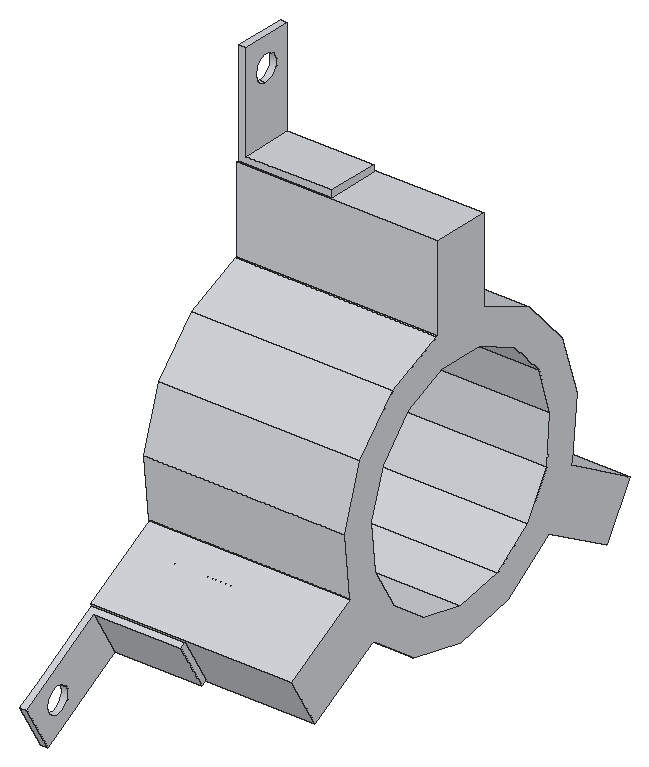
Revit family "LP50R", category Pipe Accessories, Revit 2021
Family settings
  Round Connector Dimension = Use Diameter
  Part Type = Breaks Into
  Work Plane-Based = No
  Always vertical = No
  Cut with Voids When Loaded = No
  Shared = No
Parameters
  URL = "https://www.snapcollars.com.au/"
  Model = "LP50R"
  Manufacturer = "Snap Fire Systems"
  Description = "The LP50R is a low profile, metal, retro-fit collar for concrete floor slabs, fire rated plasterboard ceilings and Speedpanel, concrete and masonry walls."
  Default Elevation = 0 mm
Reference planes
  plane 1 "Center (Front/Back)": y = 0
  plane 2: z = 0
  plane 3 "Center (Left/Right)": x = -139.129
  plane 4: x = -230
  plane 5: x = -208.636
  plane 6: x = -210
Forms (mm)
  Extrusion 1, solid, material "PVC-White", not visible, detail levels fine
    sketch origin (0, 0, 0) x (1, 0, 0) y (0, 0, 1)
      loop
        line (-80, 60.418) -> (-227.967, 86.048) -> (-227.967, 69.12) -> (-80, 60.418)
    from -1.5 to 1.5
  Extrusion 2, solid, material "PVC-White", not visible, detail levels fine
    sketch origin (0, 0, 0) x (1, 0, 0) y (0, -0.5, 0.866025)
      loop
        line (-80, 60.418) -> (-227.967, 86.048) -> (-227.967, 69.12) -> (-80, 60.418)
    from -1.5 to 1.5
  Extrusion 3, solid, material "PVC-White", not visible, detail levels fine
    sketch origin (0, 0, 0) x (1, 0, 0) y (0, -0.866025, 0.5)
      loop
        line (-80, 60.418) -> (-227.967, 86.048) -> (-227.967, 69.12) -> (-80, 60.418)
    from -1.5 to 1.5
  Extrusion 4, solid, material "PVC-White", not visible, detail levels fine
    sketch origin (0, 0, 0) x (0, -1, 0) y (-1, 0, 0)
      loop
        line (60.418, 80) -> (86.048, 227.967) -> (69.12, 227.967) -> (60.418, 80)
    from -1.5 to 1.5
  Extrusion 5, solid, material "PVC-White", not visible, detail levels fine
    sketch origin (0, 0, 0) x (1, 0, 0) y (0, -0.866025, -0.5)
      loop
        line (-80, 60.418) -> (-227.967, 86.048) -> (-227.967, 69.12) -> (-80, 60.418)
    from -1.5 to 1.5
  Extrusion 6, solid, material "PVC-White", not visible, detail levels fine
    sketch origin (0, 0, 0) x (1, 0, 0) y (0, -0.5, -0.866025)
      loop
        line (-80, 60.418) -> (-227.967, 86.048) -> (-227.967, 69.12) -> (-80, 60.418)
    from -1.5 to 1.5
  Extrusion 7, solid, material "PVC-White", not visible, detail levels fine
    sketch origin (0, 0, 0) x (1, 0, 0) y (0, 0, -1)
      loop
        line (-80, 60.418) -> (-227.967, 86.048) -> (-227.967, 69.12) -> (-80, 60.418)
    from -1.5 to 1.5
  Extrusion 8, solid, material "PVC-White", not visible, detail levels fine
    sketch origin (0, 0, 0) x (1, 0, 0) y (0, 0.5, -0.866025)
      loop
        line (-80, 60.418) -> (-227.967, 86.048) -> (-227.967, 69.12) -> (-80, 60.418)
    from -1.5 to 1.5
  Extrusion 9, solid, material "PVC-White", not visible, detail levels fine
    sketch origin (0, 0, 0) x (1, 0, 0) y (0, 0.866025, -0.5)
      loop
        line (-80, 60.418) -> (-227.967, 86.048) -> (-227.967, 69.12) -> (-80, 60.418)
    from -1.5 to 1.5
  Extrusion 10, solid, material "PVC-White", not visible, detail levels fine
    sketch origin (0, 0, 0) x (1, 0, 0) y (0, 1, 0)
      loop
        line (-80, 60.418) -> (-227.967, 86.048) -> (-227.967, 69.12) -> (-80, 60.418)
    from -1.5 to 1.5
  Extrusion 11, solid, material "PVC-White", not visible, detail levels fine
    sketch origin (0, 0, 0) x (1, 0, 0) y (0, 0.866025, 0.5)
      loop
        line (-80, 60.418) -> (-227.967, 86.048) -> (-227.967, 69.12) -> (-80, 60.418)
    from -1.5 to 1.5
  Extrusion 12, solid, material "PVC-White", not visible, detail levels fine
    sketch origin (0, 0, 0) x (1, 0, 0) y (0, 0.5, 0.866025)
      loop
        line (-80, 60.418) -> (-227.967, 86.048) -> (-227.967, 69.12) -> (-80, 60.418)
    from -1.5 to 1.5
  Extrusion 13, solid
    sketch origin (-230, 2000, 1200) x (0, 1, 0) y (0, 0, 1)
      loop
        line (-2007.213, -1166.066) -> (-2020.391, -1171.934) -> (-2030.044, -1182.654) -> (-2034.502, -1196.374) -> (-2032.994, -1210.72) -> (-2025.781, -1223.213) -> (-2014.11, -1231.693) -> (-2000, -1234.692) -> (-1985.89, -1231.693) -> (-1974.219, -1223.213) -> (-1967.006, -1210.72) -> (-1965.498, -1196.374) -> (-1969.956, -1182.654) -> (-1979.609, -1171.934) -> (-1992.787, -1166.066) -> (-2007.213, -1166.066)
      loop
        line (-2009.335, -1156.081) -> (-2026.392, -1163.675) -> (-2038.885, -1177.55) -> (-2044.654, -1195.307) -> (-2042.702, -1213.875) -> (-2033.367, -1230.044) -> (-2018.262, -1241.018) -> (-2000, -1244.9) -> (-1981.738, -1241.018) -> (-1966.633, -1230.044) -> (-1957.298, -1213.875) -> (-1955.346, -1195.307) -> (-1961.115, -1177.55) -> (-1973.608, -1163.675) -> (-1990.665, -1156.081) -> (-2009.335, -1156.081)
    from 0 to 62
  Extrusion 14, solid, not visible
    sketch origin (-230, 23.225, 34.758) x (0, -0.92388, 0.382683) y (1, 0, 0)
      loop
        line (16.311, 91) -> (0, 91) -> (0, 65) -> (16.311, 65) -> (16.311, 91)
    from 0 to 3
  Extrusion 15, solid, not visible
    sketch origin (-230, 24.373, 37.53) x (0, -0.92388, 0.382683) y (1, 0, 0)
      loop
        line (16.311, 91) -> (0, 91) -> (0, 88) -> (16.311, 88) -> (16.311, 91)
    from 0 to 21
  Extrusion 16, solid, not visible
    sketch origin (-230, 29.556, 29.418) x (0, -0.828512, 0.559971) y (1, 0, 0)
      loop
        line (16.311, 91) -> (0, 91) -> (0, 65) -> (16.311, 65) -> (16.311, 91)
    from 0 to 3
  Extrusion 17, solid, not visible
    sketch origin (-230, 31.236, 31.904) x (0, -0.828512, 0.559971) y (1, 0, 0)
      loop
        line (16.311, 91) -> (0, 91) -> (0, 88) -> (16.311, 88) -> (16.311, 91)
    from 0 to 21
  Extrusion 18, solid, not visible
    sketch origin (-230, -15.852, 38.571) x (0, -0.83464, -0.550797) y (1, 0, 0)
      loop
        line (16.311, 91) -> (0, 91) -> (0, 65) -> (16.311, 65) -> (16.311, 91)
    from 0 to 3
  Extrusion 19, solid, not visible
    sketch origin (-230, -17.504, 41.075) x (0, -0.83464, -0.550797) y (1, 0, 0)
      loop
        line (16.311, 91) -> (0, 91) -> (0, 88) -> (16.311, 88) -> (16.311, 91)
    from 0 to 21
  Extrusion 20, solid, not visible
    sketch origin (-230, 29.261, -29.712) x (0, 0.564361, 0.825528) y (1, 0, 0)
      loop
        line (16.311, 91) -> (0, 91) -> (0, 65) -> (16.311, 65) -> (16.311, 91)
    from 0 to 3
  Extrusion 21, solid, not visible
    sketch origin (-230, 31.738, -31.405) x (0, 0.564361, 0.825528) y (1, 0, 0)
      loop
        line (16.311, 91) -> (0, 91) -> (0, 88) -> (16.311, 88) -> (16.311, 91)
    from 0 to 21
  Extrusion 22, solid, not visible
    sketch origin (-230, -38.657, -15.64) x (0, 0.54621, -0.837649) y (1, 0, 0)
      loop
        line (16.311, 91) -> (0, 91) -> (0, 65) -> (16.311, 65) -> (16.311, 91)
    from 0 to 3
  Extrusion 23, solid, not visible
    sketch origin (-230, -41.17, -17.279) x (0, 0.54621, -0.837649) y (1, 0, 0)
      loop
        line (16.311, 91) -> (0, 91) -> (0, 88) -> (16.311, 88) -> (16.311, 91)
    from 0 to 21
  Extrusion 24, solid
    sketch origin (0, 0, 24.882) x (1, 0, 0) y (0, 0, 1)
      loop
        line (-201.343, 45.118) -> (-201.343, 47.118) -> (-228.024, 47.118) -> (-228.024, 77.118) -> (-230, 77.118) -> (-230, 69) -> (-230, 45.118) -> (-201.343, 45.118)
    from -8 to 8
  Extrusion 25, void
    sketch origin (-228.024, 0, 106.882) x (0, 0, -1) y (0, 1, 0)
      loop
        circle (14, 0) r 4
    from -10.829 to 2.558
  Extrusion 26, solid, not visible
    sketch origin (0, 0, 24.882) x (1, 0, 0) y (0, 0, 1)
      loop
        line (-201.343, 45.118) -> (-201.343, 47.118) -> (-228.024, 47.118) -> (-228.024, 77.118) -> (-230, 77.118) -> (-230, 69) -> (-230, 45.118) -> (-201.343, 45.118)
    from -8 to 8
  Extrusion 27, void, not visible
    sketch origin (-228.024, 0, 106.882) x (0, 0, -1) y (0, 1, 0)
      loop
        circle (14, 0) r 4
    from -10.829 to 2.558
  Extrusion 28, solid
    sketch origin (0, -21.549, -12.441) x (1, 0, 0) y (0, -0.866025, -0.5)
      loop
        line (-201.343, 45.118) -> (-201.343, 47.118) -> (-228.024, 47.118) -> (-228.024, 77.118) -> (-230, 77.118) -> (-230, 69) -> (-230, 45.118) -> (-201.343, 45.118)
    from -8 to 8
  Extrusion 29, void
    sketch origin (-228.024, -92.563, -53.441) x (0, 0.866025, 0.5) y (0, -0.5, 0.866025)
      loop
        circle (14, 0) r 4
    from -10.829 to 2.558
  Extrusion 30, solid
    sketch origin (0, 21.549, -12.441) x (1, 0, 0) y (0, 0.866025, -0.5)
      loop
        line (-201.343, 45.118) -> (-201.343, 47.118) -> (-228.024, 47.118) -> (-228.024, 77.118) -> (-230, 77.118) -> (-230, 69) -> (-230, 45.118) -> (-201.343, 45.118)
    from -8 to 8
  Extrusion 31, void
    sketch origin (-228.024, 92.563, -53.441) x (0, -0.866025, 0.5) y (0, -0.5, -0.866025)
      loop
        circle (14, 0) r 4
    from -10.829 to 2.558
  Extrusion 32, solid
    sketch origin (0, 0, 0) x (1, 0, 0) y (0, 0, 1)
      loop
        line (-168, 41) -> (-168, 70) -> (-230, 70) -> (-230, 41) -> (-168, 41)
    from -8.715 to 8.715
  Extrusion 33, solid
    sketch origin (0, 0, 0) x (1, 0, 0) y (0, -0.866025, -0.5)
      loop
        line (-168, 41) -> (-168, 70) -> (-230, 70) -> (-230, 41) -> (-168, 41)
    from -8.715 to 8.715
  Extrusion 34, solid
    sketch origin (0, 0, 0) x (1, 0, 0) y (0, 0.866025, -0.5)
      loop
        line (-168, 41) -> (-168, 70) -> (-230, 70) -> (-230, 41) -> (-168, 41)
    from -8.715 to 8.715
Cuts and joins
  Extrusion 25, Extrusion 29 cuts Extrusion 24
  Extrusion 29 cuts Extrusion 28
  Extrusion 31 cuts Extrusion 30
  joined: Extrusion 13, Extrusion 32, Extrusion 33, Extrusion 34
Lines and regions (mm)
  model lines
    curve 1: circle (-230, 0, 0) r 31 normal (1, 0, 0)
    curve 2: circle (-230, 0, 0) r 102 normal (1, 0, 0)
    curve 3: circle (-230, 0, 0) r 92 normal (1, 0, 0)
Dimensions and locks
  locked: plane 4 to plane 3 "Center (Left/Right)" at 90.871
  Extrusion 1 sketch curve to Extrusion 1 sketch curve = 0 mm
  Extrusion 2 sketch curve to Extrusion 2 sketch curve = 0 mm
  Extrusion 3 sketch curve to Extrusion 3 sketch curve = 0 mm
  Extrusion 4 sketch curve to Extrusion 4 sketch curve = 0 mm
  Extrusion 5 sketch curve to Extrusion 5 sketch curve = 0 mm
  Extrusion 6 sketch curve to Extrusion 6 sketch curve = 0 mm
  Extrusion 7 sketch curve to Extrusion 7 sketch curve = 0 mm
  Extrusion 8 sketch curve to Extrusion 8 sketch curve = 0 mm
  Extrusion 9 sketch curve to Extrusion 9 sketch curve = 0 mm
  Extrusion 10 sketch curve to Extrusion 10 sketch curve = 0 mm
  Extrusion 11 sketch curve to Extrusion 11 sketch curve = 0 mm
  Extrusion 12 sketch curve to Extrusion 12 sketch curve = 0 mm
  aligned and locked: level to plane 2
Connectors
  piping at (-210, 0, 0), diameter 69
    settings: on plane 6, index 4, connector inside diameter 609.6 mm, connector length 0 mm, flow factor 0, pipe flow 0.0 L/s, pressure drop 0.0 Pa, fitting loss kfactor 0, connector angle 0.00°, fixture units 0, engagement length 0 mm, angle of deflection 0.00°, flow configuration 0, flow direction 0, fitting loss method 0, system type 7, joint type 0, gender type 0, connector reference index -1, connector utility 0, adjustable connector no, is connector primary yes, connector description ""
  piping at (-208.636, 0, 0), diameter 69
    settings: on plane 5, index 5, connector inside diameter 609.6 mm, connector length 0 mm, flow factor 0, pipe flow 0.0 L/s, pressure drop 0.0 Pa, fitting loss kfactor 0, connector angle 0.00°, fixture units 0, engagement length 0 mm, angle of deflection 0.00°, flow configuration 0, flow direction 0, fitting loss method 0, system type 7, joint type 0, gender type 0, connector reference index -1, connector utility 0, adjustable connector no, is connector primary no, connector description ""
